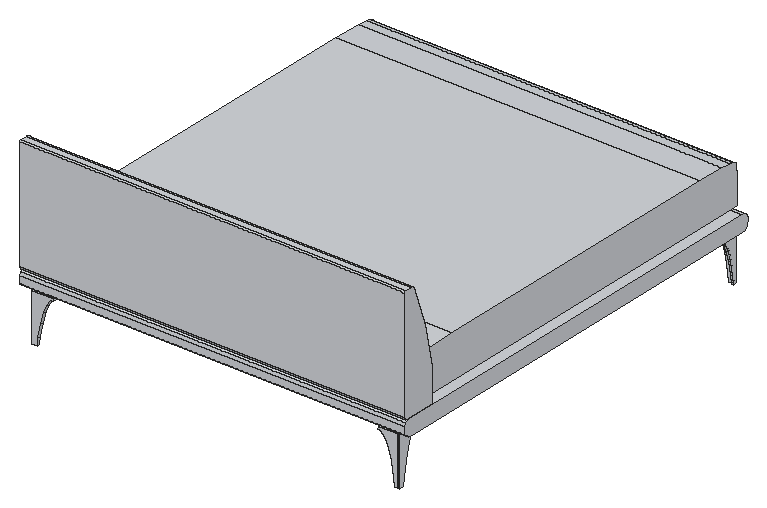
Revit family
Parameters (values of type "180 x 200 cm")
  Manufacturer = "Revit"
  Materiale Materasso [instance] = none
  Materiale Letto = none
  Materiale Gambe = none
  Larghezza = 1800 mm
Types (5, lengths in mm): name | Larghezza
  (no name) | 1800
  180 x 200 cm | 1800
  160 x 200 cm | 1600
  140 x 200 cm | 1400
  120 x 200 cm | 1200
Reference planes
  plane 1 "Center (Front/Back)": y = 0
  plane 2: z = 0
  plane 3 "Center (Left/Right)": x = 0
  plane 4: x = 903.69
  plane 5: x = -896.31
  plane 6: x = -846.31
  plane 7: x = 853.69
Forms (mm)
  Extrusion 1, solid, material <- "Materiale Letto"
    sketch origin (0, 0, 0) x (0, 1, 0) y (0, 0, 1)
      loop
        arc (159.6, 466.322) -> (115.11, 656.985) -> (50.506, 841.803) r 1829.952
        arc (50.506, 841.803) -> (46.461, 846.507) -> (40.405, 847.859) r 9.849
        line (40.405, 847.859) -> (5, 847.859)
        arc (5, 847.859) -> (1.464, 846.394) -> (0, 842.859) r 5
        line (0, 842.859) -> (0, 318.956) -> (4.041, 310.882) -> (155.559, 310.882) -> (159.6, 337.125) -> (159.6, 466.322)
      loop
        line (44.446, 230.133) -> (1941.461, 230.133)
        arc (1941.461, 230.133) -> (1962.333, 230.943) -> (1983.079, 233.367) r 269.401
        arc (1983.079, 233.367) -> (2002.312, 263.77) -> (1993.988, 298.769) r 46.326
        arc (1993.988, 298.769) -> (1982.239, 303.288) -> (1969.745, 304.825) r 51.551
        line (1969.745, 304.825) -> (34.344, 304.825) -> (20.203, 302.807) -> (6.061, 296.751) -> (2.02, 280.601) -> (2.02, 248.302) -> (10.101, 238.208) -> (20.203, 232.152) -> (44.446, 230.133)
    from -896.31 to 903.69
  Extrusion 2, solid, material <- "Materiale Materasso"
    sketch origin (0, 0, 0) x (0, 1, 0) y (0, 0, 1)
      loop
        line (335.362, 510.734) -> (214.147, 504.678) -> (187.883, 498.622) -> (173.742, 488.528) -> (167.681, 470.36) -> (163.64, 438.06) -> (163.64, 351.256) -> (167.681, 320.975) -> (173.742, 312.9) -> (193.944, 308.863) -> (1983.886, 308.863) -> (2000.048, 310.882) -> (2002.069, 322.994) -> (2002.069, 442.098)
        arc (2002.069, 442.098) -> (2001.056, 462.386) -> (1998.028, 482.472) r 203.738
        arc (1998.028, 482.472) -> (1993.792, 491.916) -> (1985.907, 498.622) r 23.485
        arc (1985.907, 498.622) -> (1976.096, 502.619) -> (1965.704, 504.678) r 55.461
        arc (1965.704, 504.678) -> (1940.471, 506.951) -> (1915.198, 508.715) r 1255.835
        line (1915.198, 508.715) -> (1785.902, 510.734) -> (335.362, 510.734)
    from -846.31 to 853.69
  Extrusion 3, solid, material <- "Materiale Gambe"
    sketch origin (-846.31, 0, 0) x (0, 1, 0) y (0, 0, -1)
      loop
        line (66.668, -151.403) -> (52.527, -100.936) -> (40.405, -36.337) -> (36.365, 0) -> (22.223, 0) -> (22.223, -224.077) -> (113.134, -224.077) -> (115.154, -216.002) -> (101.013, -211.965) -> (80.81, -185.721) -> (66.668, -151.403)
    from 0 to 10
  Extrusion 4, solid, material <- "Materiale Gambe"
    sketch origin (-875.913, 22.223, 0) x (1, 0, 0) y (0, 0, -1)
      loop
        line (74.049, -151.403) -> (59.907, -100.936) -> (47.786, -36.337) -> (43.745, 0) -> (29.604, 0) -> (29.604, -224.077) -> (120.515, -224.077) -> (122.535, -216.002) -> (108.393, -211.965) -> (88.191, -185.721) -> (74.049, -151.403)
    from 0 to 10
  Extrusion 5, solid, material <- "Materiale Gambe"
    sketch origin (853.69, 0, 0) x (0, 1, 0) y (0, 0, 1)
      loop
        line (66.668, 151.403) -> (80.81, 185.721) -> (101.013, 211.965) -> (115.154, 216.002) -> (113.134, 224.077) -> (22.223, 224.077) -> (22.223, 0) -> (36.365, 0) -> (40.405, 36.337) -> (52.527, 100.936) -> (66.668, 151.403)
    from 0 to 10
  Extrusion 6, solid, material <- "Materiale Gambe"
    sketch origin (875.913, 22.223, 0) x (-1, 0, 0) y (0, 0, 1)
      loop
        line (66.668, 151.403) -> (80.81, 185.721) -> (101.013, 211.965) -> (115.154, 216.002) -> (113.134, 224.077) -> (22.223, 224.077) -> (22.223, 0) -> (36.365, 0) -> (40.405, 36.337) -> (52.527, 100.936) -> (66.668, 151.403)
    from 0 to 10
  Extrusion 7, solid, material <- "Materiale Gambe"
    sketch origin (853.69, 2006.109, 0) x (0, -1, 0) y (0, 0, -1)
      loop
        line (66.668, -151.403) -> (52.527, -100.936) -> (40.405, -36.337) -> (36.365, 0) -> (22.223, 0) -> (22.223, -224.077) -> (113.134, -224.077) -> (115.154, -216.002) -> (101.013, -211.965) -> (80.81, -185.721) -> (66.668, -151.403)
    from 0 to 10
  Extrusion 8, solid, material <- "Materiale Gambe"
    sketch origin (875.913, 1983.886, 0) x (-1, 0, 0) y (0, 0, -1)
      loop
        line (66.668, -151.403) -> (52.527, -100.936) -> (40.405, -36.337) -> (36.365, 0) -> (22.223, 0) -> (22.223, -224.077) -> (113.134, -224.077) -> (115.154, -216.002) -> (101.013, -211.965) -> (80.81, -185.721) -> (66.668, -151.403)
    from 0 to 10
  Extrusion 9, solid, material <- "Materiale Gambe"
    sketch origin (-846.31, 2006.109, 0) x (0, -1, 0) y (0, 0, 1)
      loop
        line (66.668, 151.403) -> (80.81, 185.721) -> (101.013, 211.965) -> (115.154, 216.002) -> (113.134, 224.077) -> (22.223, 224.077) -> (22.223, 0) -> (36.365, 0) -> (40.405, 36.337) -> (52.527, 100.936) -> (66.668, 151.403)
    from 0 to 10
  Extrusion 10, solid, material <- "Materiale Gambe"
    sketch origin (-875.913, 1983.886, 0) x (1, 0, 0) y (0, 0, 1)
      loop
        line (74.049, 151.403) -> (88.191, 185.721) -> (108.393, 211.965) -> (122.535, 216.002) -> (120.515, 224.077) -> (29.604, 224.077) -> (29.604, 0) -> (43.745, 0) -> (47.786, 36.337) -> (59.907, 100.936) -> (74.049, 151.403)
    from 0 to 10
Cuts and joins
  joined: Extrusion 3, Extrusion 4
Lines and regions (mm)
  symbolic lines
    curve 1: line (903.69, 1993.959, 0) -> (903.69, 0, 0)
    curve 2: line (903.69, 0, 0) -> (0, 0, 0)
    curve 3: line (893.69, 61.29, 0) -> (0, 61.29, 0)
    curve 4: line (903.69, 163.439, 0) -> (0, 163.439, 0)
    curve 5: line (0, 61.29, 0) -> (-896.31, 61.29, 0)
    curve 6: line (0, 0, 0) -> (-896.31, 0, 0)
    curve 7: line (0, 163.439, 0) -> (-896.31, 163.439, 0)
    curve 8: line (-896.31, 1993.959, 0) -> (-896.31, 0, 0)
    curve 9: line (-896.31, 1993.959, 0) -> (0, 1993.959, 0)
    curve 10: line (0, 1993.959, 0) -> (903.69, 1993.959, 0)
    curve 11: line (0, 335.362, 511.262) -> (0, 1785.902, 511.262)
    curve 12: line (0, 1785.902, 511.262) -> (0, 1915.198, 509.243)
    curve 13: line (0, 1915.198, 509.243) -> (0, 1965.704, 505.206)
    curve 14: line (0, 1965.704, 505.206) -> (0, 1985.907, 499.15)
    curve 15: line (0, 1985.907, 499.15) -> (0, 1998.028, 483)
    curve 16: line (0, 1998.028, 483) -> (0, 2002.069, 442.626)
    curve 17: line (0, 2002.069, 442.626) -> (0, 2002.069, 323.522)
    curve 18: line (0, 2002.069, 323.522) -> (0, 2000.048, 311.41)
    curve 19: line (0, 2000.048, 311.41) -> (0, 1983.886, 309.391)
    curve 20: line (0, 1983.886, 309.391) -> (0, 193.944, 309.391)
    curve 21: line (0, 193.944, 309.391) -> (0, 173.742, 313.428)
    curve 22: line (0, 173.742, 313.428) -> (0, 167.681, 321.503)
    curve 23: line (0, 167.681, 321.503) -> (0, 163.64, 351.784)
    curve 24: line (0, 163.64, 351.784) -> (0, 163.64, 438.588)
    curve 25: line (0, 163.64, 438.588) -> (0, 167.681, 470.888)
    curve 26: line (0, 167.681, 470.888) -> (0, 173.742, 489.056)
    curve 27: line (0, 173.742, 489.056) -> (0, 187.883, 499.15)
    curve 28: line (0, 187.883, 499.15) -> (0, 214.147, 505.206)
    curve 29: line (0, 214.147, 505.206) -> (0, 335.362, 511.262)
    curve 30: line (0, 64.648, 810.031) -> (0, 88.891, 741.395)
    curve 31: line (0, 88.891, 741.395) -> (0, 115.154, 654.591)
    curve 32: line (0, 115.154, 654.591) -> (0, 133.337, 589.992)
    curve 33: line (0, 133.337, 589.992) -> (0, 147.478, 525.393)
    curve 34: line (0, 147.478, 525.393) -> (0, 159.6, 466.85)
    curve 35: line (0, 159.6, 466.85) -> (0, 159.6, 337.653)
    curve 36: line (0, 159.6, 337.653) -> (0, 155.559, 311.41)
    curve 37: line (0, 155.559, 311.41) -> (0, 4.041, 311.41)
    curve 38: line (0, 4.041, 311.41) -> (0, 0, 319.484)
    curve 39: line (0, 0, 319.484) -> (0, 0, 842.331)
    curve 40: line (0, 0, 842.331) -> (0, 6.061, 848.387)
    curve 41: line (0, 6.061, 848.387) -> (0, 40.405, 848.387)
    curve 42: line (0, 40.405, 848.387) -> (0, 50.506, 842.331)
    curve 43: line (0, 50.506, 842.331) -> (0, 64.648, 810.031)
    curve 44: line (0, 44.446, 230.661) -> (0, 1941.461, 230.661)
    curve 45: line (0, 1941.461, 230.661) -> (0, 1987.927, 234.699)
    curve 46: line (0, 1987.927, 234.699) -> (0, 1996.008, 244.792)
    curve 47: line (0, 1996.008, 244.792) -> (0, 2002.069, 262.961)
    curve 48: line (0, 2002.069, 262.961) -> (0, 2000.048, 285.166)
    curve 49: line (0, 2000.048, 285.166) -> (0, 1993.988, 299.297)
    curve 50: line (0, 1993.988, 299.297) -> (0, 1985.907, 305.353)
    curve 51: line (0, 1985.907, 305.353) -> (0, 1969.745, 305.353)
    curve 52: line (0, 1969.745, 305.353) -> (0, 34.344, 305.353)
    curve 53: line (0, 34.344, 305.353) -> (0, 20.203, 303.335)
    curve 54: line (0, 20.203, 303.335) -> (0, 6.061, 297.279)
    curve 55: line (0, 6.061, 297.279) -> (0, 2.02, 281.129)
    curve 56: line (0, 2.02, 281.129) -> (0, 2.02, 248.83)
    curve 57: line (0, 2.02, 248.83) -> (0, 10.101, 238.736)
    curve 58: line (0, 10.101, 238.736) -> (0, 20.203, 232.68)
    curve 59: line (0, 20.203, 232.68) -> (0, 44.446, 230.661)
    curve 60: line (0, 80.81, 186.25) -> (0, 66.668, 151.931)
    curve 61: line (0, 66.668, 151.931) -> (0, 52.527, 101.464)
    curve 62: line (0, 52.527, 101.464) -> (0, 40.405, 36.865)
    curve 63: line (0, 40.405, 36.865) -> (0, 36.365, 0.528)
    curve 64: line (0, 36.365, 0.528) -> (0, 22.223, 0.528)
    curve 65: line (0, 22.223, 0.528) -> (0, 22.223, 224.605)
    curve 66: line (0, 22.223, 224.605) -> (0, 113.134, 224.605)
    curve 67: line (0, 113.134, 224.605) -> (0, 115.154, 216.53)
    curve 68: line (0, 115.154, 216.53) -> (0, 101.013, 212.493)
    curve 69: line (0, 101.013, 212.493) -> (0, 80.81, 186.25)
    curve 70: line (0, 1925.299, 186.25) -> (0, 1939.441, 151.931)
    curve 71: line (0, 1939.441, 151.931) -> (0, 1953.583, 101.464)
    curve 72: line (0, 1953.583, 101.464) -> (0, 1965.704, 36.865)
    curve 73: line (0, 1965.704, 36.865) -> (0, 1969.745, 0.528)
    curve 74: line (0, 1969.745, 0.528) -> (0, 1983.886, 0.528)
    curve 75: line (0, 1983.886, 0.528) -> (0, 1983.886, 224.605)
    curve 76: line (0, 1983.886, 224.605) -> (0, 1892.975, 224.605)
    curve 77: line (0, 1892.975, 224.605) -> (0, 1890.955, 216.53)
    curve 78: line (0, 1890.955, 216.53) -> (0, 1905.097, 212.493)
    curve 79: line (0, 1905.097, 212.493) -> (0, 1925.299, 186.25)
Dimensions and locks
  locked: plane 5 to plane 6 at 50
  locked: plane 7 to plane 4 at 50
  "Larghezza": plane 5 to plane 4
  plane 5 to plane 3 "Center (Left/Right)" to plane 4 = 896.31 mm, 903.69 mm
  locked: Extrusion 5 to Extrusion 5 at 10
  locked: Extrusion 7 to Extrusion 7 at 10
  aligned and locked: Extrusion 1 to plane 4
  aligned and locked: Extrusion 1 to plane 5
  aligned and locked: plane 6 to Extrusion 2
  aligned and locked: Extrusion 2 to plane 7
  aligned and locked: curve 8 to plane 5
  aligned and locked: curve 1 to plane 4
  aligned and locked: plane 7 to Extrusion 2
  aligned and locked: Extrusion 2 to plane 6
  aligned and locked: plane 6 to Extrusion 9
  aligned and locked: plane 6 to Extrusion 10
  aligned and locked: cut or joined group of Extrusion 3, Extrusion 4 to plane 6
  aligned and locked: plane 7 to Extrusion 5
  aligned and locked: Extrusion 6 to plane 7
  aligned and locked: plane 7 to Extrusion 7
  aligned and locked: Extrusion 8 to plane 7
Automatic sketch dimensions
  curve 4 to plane 3 "Center (Left/Right)" = 0 mm
  curve 5 to plane 3 "Center (Left/Right)" = 0 mm
  curve 6 to plane 1 "Center (Front/Back)" = 0 mm
  curve 6 to plane 3 "Center (Left/Right)" = 0 mm
  curve 9 to plane 3 "Center (Left/Right)" = 0 mm
  plane 4 to curve 3 = 10 mm
  curve 3 to plane 1 "Center (Front/Back)" = 61.29 mm
  curve 3 to curve 4 = 102.15 mm
  curve 7 to curve 8 = 1830.519 mm
  curve 38 to plane 1 "Center (Front/Back)" = 0 mm
  curve 56 to plane 1 "Center (Front/Back)" = 2.02 mm
  curve 37 to plane 1 "Center (Front/Back)" = 4.041 mm
  curve 41 to plane 1 "Center (Front/Back)" = 6.061 mm
  curve 54 to plane 1 "Center (Front/Back)" = 6.061 mm
  curve 57 to plane 1 "Center (Front/Back)" = 10.101 mm
  curve 55 to curve 54 = 14.142 mm
  curve 57 to curve 58 = 10.101 mm
  curve 58 to curve 66 = 2.02 mm
  curve 53 to curve 52 = 14.142 mm
  level to curve 63 = 0.528 mm
  curve 64 to curve 63 = 14.142 mm
  curve 63 to curve 63 = 4.041 mm
  curve 40 to curve 41 = 34.344 mm
  curve 65 to curve 59 = 22.223 mm
  curve 41 to curve 43 = 10.101 mm
  curve 61 to plane 1 "Center (Front/Back)" = 52.527 mm
  curve 42 to curve 30 = 14.142 mm
  curve 62 to curve 60 = 14.142 mm
  curve 61 to curve 60 = 14.142 mm
  curve 43 to curve 30 = 24.243 mm
  curve 60 to curve 69 = 20.203 mm
  curve 68 to curve 66 = 12.122 mm
  curve 66 to curve 67 = 2.02 mm
  curve 31 to curve 31 = 26.263 mm
  curve 32 to curve 32 = 18.182 mm
  curve 32 to curve 33 = 14.142 mm
  curve 66 to curve 36 = 42.425 mm
  curve 36 to curve 35 = 4.041 mm
  curve 34 to curve 25 = 4.041 mm
  curve 36 to curve 23 = 12.122 mm
  curve 35 to curve 25 = 8.081 mm
  curve 22 to curve 22 = 6.061 mm
  curve 25 to curve 27 = 6.061 mm
  curve 26 to curve 27 = 14.142 mm
  curve 21 to curve 21 = 20.203 mm
  curve 27 to curve 29 = 26.263 mm
  curve 28 to curve 29 = 121.215 mm
  level to curve 11 = 511.262 mm
  curve 29 to curve 11 = 1450.54 mm
  level to curve 78 = 216.53 mm
  curve 11 to curve 78 = 105.053 mm
  curve 77 to curve 76 = 2.02 mm
  level to curve 79 = 212.493 mm
  curve 77 to curve 79 = 14.142 mm
  level to curve 13 = 509.243 mm
  curve 11 to curve 13 = 129.296 mm
  level to curve 79 = 186.25 mm
  curve 78 to curve 79 = 20.203 mm
  level to curve 71 = 151.931 mm
  curve 70 to curve 71 = 14.142 mm
  curve 78 to curve 44 = 36.365 mm
  level to curve 72 = 101.464 mm
  curve 71 to curve 72 = 14.142 mm
  level to curve 14 = 505.206 mm
  curve 12 to curve 14 = 50.506 mm
  level to curve 73 = 36.865 mm
  curve 71 to curve 73 = 12.122 mm
  curve 44 to curve 52 = 28.284 mm
  level to curve 74 = 0.528 mm
  curve 72 to curve 74 = 4.041 mm
  level to curve 19 = 309.391 mm
  curve 51 to curve 19 = 14.142 mm
  curve 73 to curve 74 = 14.142 mm
  level to curve 14 = 499.15 mm
  curve 13 to curve 14 = 20.203 mm
  curve 19 to curve 51 = 2.02 mm
  level to curve 45 = 234.699 mm
  curve 75 to curve 45 = 4.04 mm
  level to curve 50 = 299.297 mm
  curve 51 to curve 50 = 8.081 mm
  level to curve 47 = 244.792 mm
  curve 46 to curve 47 = 8.081 mm
  level to curve 15 = 483 mm
  curve 15 to curve 15 = 12.122 mm
  level to curve 48 = 285.166 mm
  curve 49 to curve 48 = 6.061 mm
  level to curve 19 = 311.41 mm
  curve 50 to curve 19 = 6.061 mm
  curve 18 to curve 17 = 2.02 mm
  level to curve 48 = 262.961 mm
  curve 46 to curve 48 = 6.061 mm
  curve 63 to curve 62 = 36.337 mm
  curve 62 to curve 62 = 64.599 mm
  curve 62 to curve 60 = 50.468 mm
  curve 61 to curve 60 = 34.318 mm
  curve 60 to curve 68 = 26.243 mm
  curve 68 to curve 67 = 4.037 mm
  curve 69 to curve 66 = 38.356 mm
  curve 75 to curve 45 = 10.094 mm
  curve 65 to curve 59 = 6.056 mm
  curve 65 to curve 58 = 8.075 mm
  curve 59 to curve 58 = 6.056 mm
  curve 58 to curve 56 = 10.094 mm
  curve 57 to curve 56 = 32.299 mm
  curve 55 to curve 55 = 16.15 mm
  curve 55 to curve 54 = 6.056 mm
  curve 51 to curve 19 = 4.037 mm
  curve 20 to curve 36 = 2.019 mm
  curve 36 to curve 22 = 2.019 mm
  curve 37 to curve 38 = 8.075 mm
  curve 22 to curve 22 = 8.075 mm
  curve 18 to curve 17 = 12.112 mm
  curve 23 to curve 36 = 16.15 mm
  curve 35 to curve 23 = 14.131 mm
  curve 23 to curve 25 = 86.805 mm
  curve 17 to curve 16 = 40.374 mm
  curve 24 to curve 35 = 28.262 mm
  curve 35 to curve 25 = 4.037 mm
  curve 25 to curve 27 = 18.168 mm
  curve 26 to curve 27 = 10.094 mm
  curve 27 to curve 28 = 6.056 mm
  curve 26 to curve 34 = 36.337 mm
  curve 34 to curve 33 = 64.599 mm
  curve 33 to curve 31 = 64.599 mm
  curve 31 to curve 31 = 86.805 mm
  curve 30 to curve 43 = 68.636 mm
  curve 30 to curve 42 = 32.299 mm
  curve 39 to curve 42 = 0 mm
  curve 42 to curve 41 = 6.056 mm
  Extrusion 1 sketch curve to plane 1 "Center (Front/Back)" = 0 mm
  level to Extrusion 1 sketch curve = 146.417 mm
  plane 1 "Center (Front/Back)" to Extrusion 1 sketch curve = 1642.173 mm
  Extrusion 1 sketch curve to plane 1 "Center (Front/Back)" = 2.02 mm
  Extrusion 1 sketch curve to plane 1 "Center (Front/Back)" = 4.041 mm
  Extrusion 1 sketch curve to plane 1 "Center (Front/Back)" = 5 mm
  Extrusion 1 sketch curve to plane 1 "Center (Front/Back)" = 6.061 mm
  Extrusion 1 sketch curve to plane 1 "Center (Front/Back)" = 10.101 mm
  Extrusion 1 sketch curve to Extrusion 1 sketch curve = 14.142 mm  (x2)
  Extrusion 1 sketch curve to Extrusion 1 sketch curve = 10.101 mm
  Extrusion 1 sketch curve to Extrusion 1 sketch curve = 35.405 mm
  Extrusion 1 sketch curve to Extrusion 1 sketch curve = 0.991 mm
  Extrusion 1 sketch curve to Extrusion 1 sketch curve = 24.243 mm  (x2)
  Extrusion 1 sketch curve to Extrusion 1 sketch curve = 9.11 mm
  Extrusion 1 sketch curve to Extrusion 1 sketch curve = 0 mm
  Extrusion 1 sketch curve to Extrusion 1 sketch curve = 121.215 mm
  Extrusion 1 sketch curve to Extrusion 1 sketch curve = 4.041 mm
  level to Extrusion 1 sketch curve = 230.133 mm
  Extrusion 1 sketch curve to Extrusion 1 sketch curve = 1781.861 mm
  Extrusion 1 sketch curve to Extrusion 1 sketch curve = 15.157 mm
  Extrusion 1 sketch curve to Extrusion 1 sketch curve = 13.127 mm
  Extrusion 1 sketch curve to Extrusion 1 sketch curve = 13.334 mm
  Extrusion 1 sketch curve to Extrusion 1 sketch curve = 2.019 mm  (x2)
  Extrusion 1 sketch curve to Extrusion 1 sketch curve = 3.234 mm
  Extrusion 1 sketch curve to Extrusion 1 sketch curve = 6.056 mm
  Extrusion 1 sketch curve to Extrusion 1 sketch curve = 10.094 mm
  Extrusion 1 sketch curve to Extrusion 1 sketch curve = 19.907 mm
  Extrusion 1 sketch curve to Extrusion 1 sketch curve = 18.117 mm
  Extrusion 1 sketch curve to Extrusion 1 sketch curve = 32.299 mm
  Extrusion 1 sketch curve to Extrusion 1 sketch curve = 16.15 mm
  Extrusion 1 sketch curve to Extrusion 1 sketch curve = 14.131 mm
  Extrusion 1 sketch curve to Extrusion 1 sketch curve = 8.075 mm
  Extrusion 1 sketch curve to Extrusion 1 sketch curve = 26.243 mm
  Extrusion 1 sketch curve to Extrusion 1 sketch curve = 129.198 mm
  Extrusion 2 sketch curve to plane 1 "Center (Front/Back)" = 163.64 mm
  Extrusion 2 sketch curve to Extrusion 2 sketch curve = 4.041 mm  (x3)
  Extrusion 2 sketch curve to Extrusion 2 sketch curve = 6.061 mm  (x2)
  Extrusion 2 sketch curve to Extrusion 2 sketch curve = 14.142 mm
  Extrusion 2 sketch curve to Extrusion 2 sketch curve = 20.203 mm  (x2)
  Extrusion 2 sketch curve to Extrusion 2 sketch curve = 26.263 mm
  Extrusion 2 sketch curve to Extrusion 2 sketch curve = 121.215 mm
  level to Extrusion 2 sketch curve = 510.734 mm
  Extrusion 2 sketch curve to Extrusion 2 sketch curve = 1450.54 mm
  Extrusion 2 sketch curve to Extrusion 2 sketch curve = 12.429 mm
  Extrusion 2 sketch curve to Extrusion 2 sketch curve = 42.069 mm
  level to Extrusion 2 sketch curve = 508.715 mm
  Extrusion 2 sketch curve to Extrusion 2 sketch curve = 129.296 mm
  Extrusion 2 sketch curve to Extrusion 2 sketch curve = 44.972 mm
  Extrusion 2 sketch curve to Extrusion 2 sketch curve = 50.506 mm
  Extrusion 2 sketch curve to Extrusion 2 sketch curve = 0 mm  (x3)
  Extrusion 2 sketch curve to Extrusion 2 sketch curve = 9.304 mm
  level to Extrusion 2 sketch curve = 308.863 mm
  Extrusion 2 sketch curve to Extrusion 2 sketch curve = 23.716 mm
  Extrusion 2 sketch curve to Extrusion 2 sketch curve = 12.122 mm
  level to Extrusion 2 sketch curve = 310.882 mm
  Extrusion 2 sketch curve to Extrusion 2 sketch curve = 16.162 mm
  Extrusion 2 sketch curve to Extrusion 2 sketch curve = 4.037 mm
  Extrusion 2 sketch curve to Extrusion 2 sketch curve = 8.075 mm
  Extrusion 2 sketch curve to Extrusion 2 sketch curve = 12.112 mm
  Extrusion 2 sketch curve to Extrusion 2 sketch curve = 30.281 mm
  Extrusion 2 sketch curve to Extrusion 2 sketch curve = 86.805 mm
  Extrusion 2 sketch curve to Extrusion 2 sketch curve = 32.299 mm
  Extrusion 2 sketch curve to Extrusion 2 sketch curve = 18.168 mm
  Extrusion 2 sketch curve to Extrusion 2 sketch curve = 10.094 mm
  Extrusion 2 sketch curve to Extrusion 2 sketch curve = 6.056 mm
  Extrusion 3 sketch curve to level = 0 mm
  Extrusion 3 sketch curve to plane 1 "Center (Front/Back)" = 22.223 mm
  Extrusion 3 sketch curve to Extrusion 3 sketch curve = 14.142 mm  (x3)
  Extrusion 3 sketch curve to Extrusion 3 sketch curve = 4.041 mm
  Extrusion 3 sketch curve to plane 1 "Center (Front/Back)" = 52.527 mm
  Extrusion 3 sketch curve to Extrusion 3 sketch curve = 20.203 mm
  Extrusion 3 sketch curve to Extrusion 3 sketch curve = 12.122 mm
  Extrusion 3 sketch curve to Extrusion 3 sketch curve = 2.02 mm
  level to Extrusion 3 sketch curve = 36.337 mm
  Extrusion 3 sketch curve to Extrusion 3 sketch curve = 64.599 mm
  Extrusion 3 sketch curve to Extrusion 3 sketch curve = 50.468 mm
  Extrusion 3 sketch curve to Extrusion 3 sketch curve = 34.318 mm
  Extrusion 3 sketch curve to Extrusion 3 sketch curve = 26.243 mm
  Extrusion 3 sketch curve to Extrusion 3 sketch curve = 4.037 mm
  Extrusion 3 sketch curve to Extrusion 3 sketch curve = 38.356 mm
  Extrusion 4 sketch curve to plane 6 = 0 mm
  Extrusion 4 sketch curve to level = 0 mm
  Extrusion 4 sketch curve to plane 6 = 14.142 mm
  Extrusion 4 sketch curve to plane 6 = 18.182 mm
  Extrusion 4 sketch curve to plane 6 = 30.304 mm
  Extrusion 4 sketch curve to plane 6 = 44.446 mm
  Extrusion 4 sketch curve to Extrusion 4 sketch curve = 14.142 mm
  Extrusion 4 sketch curve to Extrusion 4 sketch curve = 20.203 mm
  Extrusion 4 sketch curve to Extrusion 4 sketch curve = 12.122 mm
  Extrusion 4 sketch curve to Extrusion 4 sketch curve = 2.02 mm
  level to Extrusion 4 sketch curve = 36.337 mm
  Extrusion 4 sketch curve to Extrusion 4 sketch curve = 64.599 mm
  Extrusion 4 sketch curve to Extrusion 4 sketch curve = 50.468 mm
  Extrusion 4 sketch curve to Extrusion 4 sketch curve = 34.318 mm
  Extrusion 4 sketch curve to Extrusion 4 sketch curve = 26.243 mm
  Extrusion 4 sketch curve to Extrusion 4 sketch curve = 4.037 mm
  Extrusion 4 sketch curve to Extrusion 4 sketch curve = 38.356 mm
  Extrusion 5 sketch curve to level = 0 mm
  Extrusion 5 sketch curve to plane 1 "Center (Front/Back)" = 22.223 mm
  Extrusion 5 sketch curve to Extrusion 5 sketch curve = 14.142 mm  (x3)
  Extrusion 5 sketch curve to Extrusion 5 sketch curve = 4.041 mm
  Extrusion 5 sketch curve to plane 1 "Center (Front/Back)" = 52.527 mm
  Extrusion 5 sketch curve to Extrusion 5 sketch curve = 20.203 mm
  Extrusion 5 sketch curve to Extrusion 5 sketch curve = 12.122 mm
  Extrusion 5 sketch curve to Extrusion 5 sketch curve = 2.02 mm
  level to Extrusion 5 sketch curve = 36.337 mm
  Extrusion 5 sketch curve to Extrusion 5 sketch curve = 64.599 mm
  Extrusion 5 sketch curve to Extrusion 5 sketch curve = 50.468 mm
  Extrusion 5 sketch curve to Extrusion 5 sketch curve = 34.318 mm
  Extrusion 5 sketch curve to Extrusion 5 sketch curve = 26.243 mm
  Extrusion 5 sketch curve to Extrusion 5 sketch curve = 4.037 mm
  Extrusion 5 sketch curve to Extrusion 5 sketch curve = 8.075 mm
  Extrusion 6 sketch curve to plane 7 = 0 mm
  Extrusion 6 sketch curve to level = 0 mm
  plane 7 to Extrusion 6 sketch curve = 14.142 mm
  plane 7 to Extrusion 6 sketch curve = 18.182 mm
  plane 7 to Extrusion 6 sketch curve = 30.304 mm
  plane 7 to Extrusion 6 sketch curve = 44.446 mm
  Extrusion 6 sketch curve to Extrusion 6 sketch curve = 14.142 mm
  Extrusion 6 sketch curve to Extrusion 6 sketch curve = 20.203 mm
  Extrusion 6 sketch curve to Extrusion 6 sketch curve = 12.122 mm
  Extrusion 6 sketch curve to Extrusion 6 sketch curve = 2.02 mm
  level to Extrusion 6 sketch curve = 36.337 mm
  Extrusion 6 sketch curve to Extrusion 6 sketch curve = 64.599 mm
  Extrusion 6 sketch curve to Extrusion 6 sketch curve = 50.468 mm
  Extrusion 6 sketch curve to Extrusion 6 sketch curve = 34.318 mm
  Extrusion 6 sketch curve to Extrusion 6 sketch curve = 26.243 mm
  Extrusion 6 sketch curve to Extrusion 6 sketch curve = 4.037 mm
  Extrusion 6 sketch curve to Extrusion 6 sketch curve = 8.075 mm
  Extrusion 7 sketch curve to level = 0 mm
  level to Extrusion 7 sketch curve = 224.077 mm
  Extrusion 7 sketch curve to plane 1 "Center (Front/Back)" = 1983.886 mm
  Extrusion 7 sketch curve to Extrusion 7 sketch curve = 14.142 mm  (x3)
  level to Extrusion 7 sketch curve = 36.337 mm
  Extrusion 7 sketch curve to Extrusion 7 sketch curve = 4.041 mm
  level to Extrusion 7 sketch curve = 100.936 mm
  Extrusion 7 sketch curve to Extrusion 7 sketch curve = 12.122 mm  (x2)
  level to Extrusion 7 sketch curve = 151.403 mm
  level to Extrusion 7 sketch curve = 185.721 mm
  level to Extrusion 7 sketch curve = 211.965 mm
  Extrusion 7 sketch curve to Extrusion 7 sketch curve = 20.203 mm
  level to Extrusion 7 sketch curve = 216.002 mm
  Extrusion 7 sketch curve to Extrusion 7 sketch curve = 2.02 mm
  Extrusion 8 sketch curve to plane 7 = 0 mm
  Extrusion 8 sketch curve to level = 0 mm
  plane 7 to Extrusion 8 sketch curve = 14.142 mm
  plane 7 to Extrusion 8 sketch curve = 18.182 mm
  plane 7 to Extrusion 8 sketch curve = 30.304 mm
  plane 7 to Extrusion 8 sketch curve = 44.446 mm
  Extrusion 8 sketch curve to Extrusion 8 sketch curve = 14.142 mm
  Extrusion 8 sketch curve to Extrusion 8 sketch curve = 20.203 mm
  Extrusion 8 sketch curve to Extrusion 8 sketch curve = 12.122 mm
  Extrusion 8 sketch curve to Extrusion 8 sketch curve = 2.02 mm
  level to Extrusion 8 sketch curve = 36.337 mm
  Extrusion 8 sketch curve to Extrusion 8 sketch curve = 64.599 mm
  Extrusion 8 sketch curve to Extrusion 8 sketch curve = 50.468 mm
  Extrusion 8 sketch curve to Extrusion 8 sketch curve = 34.318 mm
  Extrusion 8 sketch curve to Extrusion 8 sketch curve = 26.243 mm
  Extrusion 8 sketch curve to Extrusion 8 sketch curve = 4.037 mm
  Extrusion 8 sketch curve to Extrusion 8 sketch curve = 38.356 mm
  Extrusion 9 sketch curve to level = 0 mm
  level to Extrusion 9 sketch curve = 224.077 mm
  Extrusion 9 sketch curve to plane 1 "Center (Front/Back)" = 1983.886 mm
  Extrusion 9 sketch curve to Extrusion 9 sketch curve = 14.142 mm  (x3)
  level to Extrusion 9 sketch curve = 36.337 mm
  Extrusion 9 sketch curve to Extrusion 9 sketch curve = 4.041 mm
  level to Extrusion 9 sketch curve = 100.936 mm
  Extrusion 9 sketch curve to Extrusion 9 sketch curve = 12.122 mm  (x2)
  level to Extrusion 9 sketch curve = 151.403 mm
  level to Extrusion 9 sketch curve = 185.721 mm
  level to Extrusion 9 sketch curve = 211.965 mm
  Extrusion 9 sketch curve to Extrusion 9 sketch curve = 20.203 mm
  level to Extrusion 9 sketch curve = 216.002 mm
  Extrusion 9 sketch curve to Extrusion 9 sketch curve = 2.02 mm
  Extrusion 10 sketch curve to plane 6 = 0 mm
  Extrusion 10 sketch curve to level = 0 mm
  Extrusion 10 sketch curve to plane 6 = 14.142 mm
  Extrusion 10 sketch curve to plane 6 = 18.182 mm
  Extrusion 10 sketch curve to plane 6 = 30.304 mm
  Extrusion 10 sketch curve to plane 6 = 44.446 mm
  Extrusion 10 sketch curve to Extrusion 10 sketch curve = 14.142 mm
  Extrusion 10 sketch curve to Extrusion 10 sketch curve = 20.203 mm
  Extrusion 10 sketch curve to Extrusion 10 sketch curve = 12.122 mm
  Extrusion 10 sketch curve to Extrusion 10 sketch curve = 2.02 mm
  level to Extrusion 10 sketch curve = 36.337 mm
  Extrusion 10 sketch curve to Extrusion 10 sketch curve = 64.599 mm
  Extrusion 10 sketch curve to Extrusion 10 sketch curve = 50.468 mm
  Extrusion 10 sketch curve to Extrusion 10 sketch curve = 34.318 mm
  Extrusion 10 sketch curve to Extrusion 10 sketch curve = 26.243 mm
  Extrusion 10 sketch curve to Extrusion 10 sketch curve = 4.037 mm
  Extrusion 10 sketch curve to Extrusion 10 sketch curve = 8.075 mm
